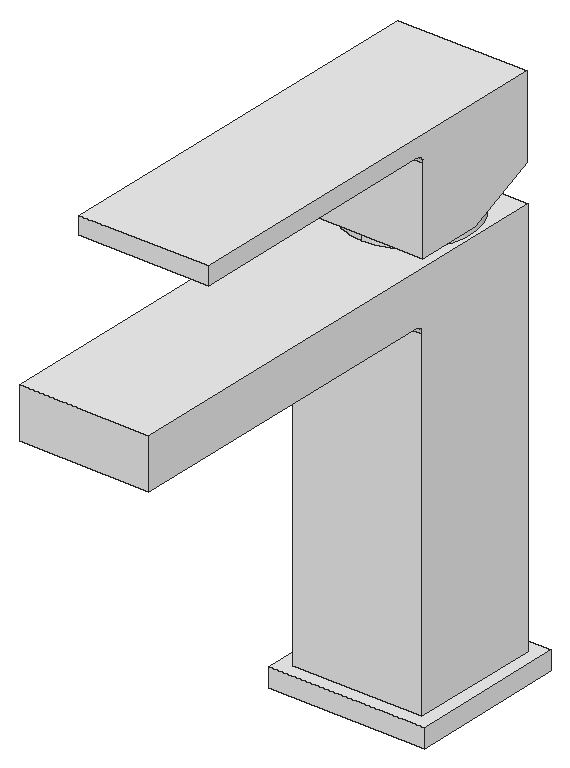
Revit family "Delta FG567LF-PP", category Pipe Fittings, host Face, Revit 2013
Parameters (values of type "Delta FG567LF-PP")
  Width [instance] = 40.000 mm
  URL = "http://www.deltafaucet.co.in"
  Tap [instance] = Polished_Chrome
  Model = "FG567LF-PP"
  Manufacturer = "Delta"
  Height [instance] = 166.000 mm
  Description = "Delta FG567LF-PP"
  Depth [instance] = 146.000 mm
  Default Elevation = 1219.200 mm
Reference planes
  plane 1 "Center (Front/Back)": y = 0
  plane 2: z = 0
  plane 3 "Center (Left/Right)": x = 0
Dimensions and locks
  aligned and locked: plane 2 to host face
  aligned and locked: level to host face
  aligned and locked: level to nested 1
  aligned and locked: plane 3 "Center (Left/Right)" to nested 1
  aligned and locked: plane 1 "Center (Front/Back)" to nested 1
Nested families
  nested 1: "567" at (0, 0, 0), type "567"
    with Tap Polished_Chrome
Definition of nested family "567"
  Parameters (values of type "567")
    Tap [instance] = Polished_Chrome
  Reference planes
    plane 1 "Center (Front/Back)": y = 0
    plane 2 "Center (Left/Right)": x = 0
    plane 3: z = 0
  Forms (mm)
    Extrusion 1, solid, material "Polished_Chrome" <- "Tap"
      sketch origin (0, -46.025, 0) x (0, 1, 0) y (0, 0, 1)
        loop
          line (25.658, 5.751) -> (66.392, 5.751) -> (66.392, 129.762) -> (-79.715, 129.762) -> (-79.715, 114.17) -> (23.134, 114.17)
          arc (23.134, 114.17) -> (24.919, 113.431) -> (25.658, 111.646) r 2.524
          line (25.658, 111.646) -> (25.658, 5.751)
      from -20 to 20
    Extrusion 2, solid, material "Polished_Chrome" <- "Tap"
      sketch origin (0, -46.025, 2.5) x (0, 1, 0) y (0, 0, 1)
        loop
          line (66.233, 164.062) -> (-56.899, 164.062) -> (-56.899, 158.732) -> (23.485, 158.732)
          arc (23.485, 158.732) -> (25.281, 157.989) -> (26.025, 156.193) r 2.54
          line (26.025, 156.193) -> (26.025, 129.735) -> (46.025, 129.735) -> (66.233, 138.732) -> (66.233, 164.062)
      from -20 to 20
    Revolve 3, solid, material "Polished_Chrome" <- "Tap"
      sketch origin (0, -51.938, 14.292) x (0, 0.992546, -0.121869) y (0, 0.121869, 0.992546)
        loop
          line (-77.742, 97.08) -> (-78.303, 89.046)
          arc (-78.303, 89.046) -> (-77.932, 87.919) -> (-76.877, 87.376) r 1.566
          line (-76.877, 87.376) -> (-71.571, 86.912) -> (-71.189, 91.279) -> (-66.492, 90.868) -> (-66.021, 96.26) -> (-77.742, 97.08)
        axis (-66.874, 86.501) -> (-66.021, 96.26)
      angle from 0 to 360
    Revolve 4, solid, material "Polished_Chrome" <- "Tap"
      sketch origin (0, -46.025, 0) x (0, 1, 0) y (0, 0, 1)
        loop
          line (66.028, 38.677) -> (73.118, 65.137) -> (75.012, 64.629) -> (75.724, 67.29)
          arc (75.724, 67.29) -> (78.612, 71.388) -> (80.875, 75.861) r 34.512
          arc (80.875, 75.861) -> (80.998, 77.695) -> (79.975, 79.221) r 2.846
          line (79.975, 79.221) -> (75.189, 80.503) -> (64.118, 39.189) -> (66.028, 38.677)
        axis (75.189, 80.503) -> (64.118, 39.189)
      angle from 0 to 360
    Extrusion 5, solid, material "Polished_Chrome" <- "Tap"
      sketch origin (0, 0, 0) x (0, 1, 0) y (0, 0, 1)
        loop
          line (-24.375, 5.751) -> (-24.375, 0) -> (24.375, 0) -> (24.375, 5.751) -> (-24.375, 5.751)
      from -24 to 24
    Revolve 6, solid, material "Polished_Chrome" <- "Tap"
      sketch origin (0, 0, 0) x (0, 1, 0) y (0, 0, 1)
        loop
          arc (18.751, 129.762) -> (18.104, 134.8) -> (15.362, 139.075) r 11.57
          line (15.362, 139.075) -> (0, 139.075) -> (0, 129.762) -> (18.751, 129.762)
        axis (0, 139.075) -> (0, 129.762)
      angle from 0 to 360
  Cuts and joins
    joined: Extrusion 1, Revolve 4
  Dimensions and locks
    aligned and locked: level to Extrusion 5 sketch curve
